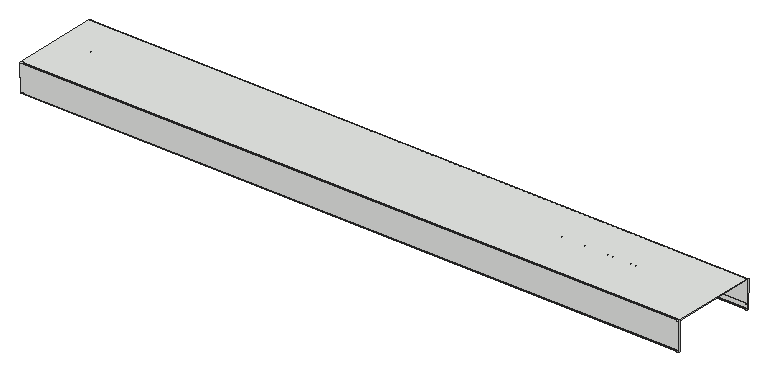
Revit family "profiles PR852 2015", category Generic Models, Revit 2015
Parameters (values of type "ISOLAMIN PR852 flashing")
  Profile Length [instance] = 1180 mm
Reference planes
  plane 1 "Center (Front/Back)": y = 0
  plane 2: z = 0
  plane 3 "Center (Left/Right)": x = 0
  plane 4: x = 1180
Forms (mm)
  Extrusion 1, solid, material "ISOLAMIN Surface Material"
    sketch origin (0, 1.275, -1.465) x (0, 1, 0) y (0, 0, 1)
      loop
        arc (-3.572, 2.465) -> (-2.572, 1.465) -> (-1.572, 2.465) r 1
        line (-1.572, 2.465) -> (-1.572, 50.465)
        arc (-1.572, 50.465) -> (-1.865, 51.172) -> (-2.572, 51.465) r 1
        line (-2.572, 51.465) -> (-155.572, 51.465)
        arc (-155.572, 51.465) -> (-156.279, 51.172) -> (-156.572, 50.465) r 1
        line (-156.572, 50.465) -> (-156.572, 2.465)
        arc (-156.572, 2.465) -> (-155.572, 1.465) -> (-154.572, 2.465) r 1
        line (-154.572, 2.465) -> (-154.572, 11.465) -> (-155.572, 11.465) -> (-155.572, 50.465) -> (-2.572, 50.465) -> (-2.572, 11.465) -> (-3.572, 11.465) -> (-3.572, 2.465)
    from 0 to 1180
Dimensions and locks
  "Profile Length": plane 3 "Center (Left/Right)" to plane 4
  aligned and locked: level to plane 2
  aligned and locked: plane 4 to Extrusion 1
Automatic sketch dimensions
  plane 1 "Center (Front/Back)" to Extrusion 1 sketch curve = 2.296 mm
  Extrusion 1 sketch curve to Extrusion 1 sketch curve = 1 mm  (x3)
  level to Extrusion 1 sketch curve = 1 mm  (x2)
  Extrusion 1 sketch curve to Extrusion 1 sketch curve = 9 mm  (x2)
  Extrusion 1 sketch curve to Extrusion 1 sketch curve = 39 mm
  Extrusion 1 sketch curve to Extrusion 1 sketch curve = 0 mm  (x4)
  Extrusion 1 sketch curve to Extrusion 1 sketch curve = 153 mm
